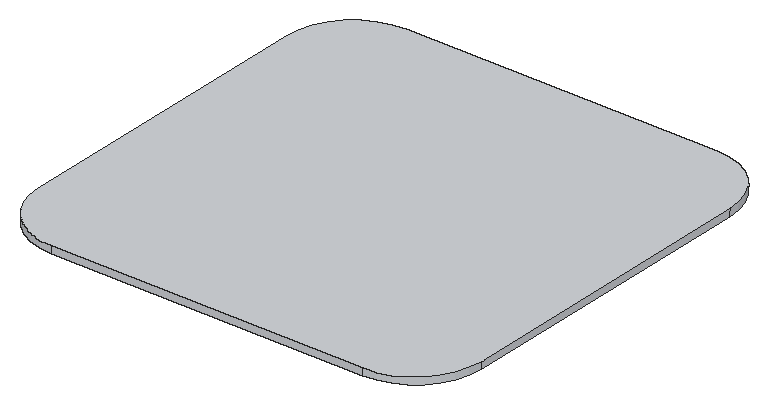
Revit family "FP_Rod Control", category Structural Foundations, Revit 2019
Family settings
  Material for Model Behavior = Other
  Cap = No
  OmniClass Number = 23.25.05.00
  OmniClass Title = Foundations
  Work Plane-Based = No
  Always vertical = Yes
  Cut with Voids When Loaded = No
  Shared = No
Parameters
  Assembly Code = "A1010100"
Reference planes (in)
  plane 1 "Center (Front/Back)": y = 0
  plane 2: z = 0
  plane 3 "Center (Left/Right)": x = 0
Forms (in)
  Extrusion 1, solid
    sketch origin (0, 0, 0) x (1, 0, 0) y (0, 1, 0)
      loop
        line (-0.70175, -1) -> (0.70175, -1)
        arc (0.70175, -1) -> (0.91264, -0.91264) -> (1, -0.70175) r 0.29825
        line (1, -0.70175) -> (1, 0.70175)
        arc (1, 0.70175) -> (0.91264, 0.91264) -> (0.70175, 1) r 0.29825
        line (0.70175, 1) -> (-0.70175, 1)
        arc (-0.70175, 1) -> (-0.91264, 0.91264) -> (-1, 0.70175) r 0.29825
        line (-1, 0.70175) -> (-1, -0.70175)
        arc (-1, -0.70175) -> (-0.91264, -0.91264) -> (-0.70175, -1) r 0.29825
    from 0 to 0.03125
Dimensions and locks (in)
  aligned and locked: level to plane 2
